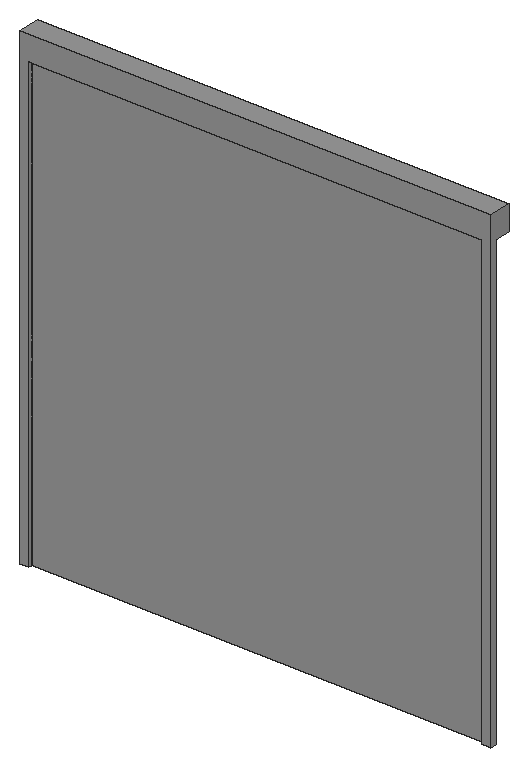
Revit family "protivipozarnae_stora_firetechnics_ei60_120_bez_orachenia_vodoi", category Двери, Revit 2016
Family settings
  Основа = Стена
  Номер OmniClass = 23.30.10.00
  Заголовок OmniClass = Doors
  Всегда вертикально = Да
  При загрузке вырезать с полостями = Нет
  Общий = Нет
  Точка расчета площади = Нет
Parameters (values of type "EI120 (без орошения водой)")
  ширина полотна = Width + 20 mm  # 4020 mm
  ширина верхней балки = 200 mm  # constant formula
  высота направляющей = 60 mm  # constant formula
  Ширина, макс. = "5м"  # constant formula
  Ширина направляющей = 80 mm  # constant formula
  Функция = Внутренние слои
  Скорость опускания шторы = "0,15м/c"  # constant formula
  Разработано = "support@bimlib.ru"  # constant formula
  Полотно_Размещение = высота направляющей / 2  # 30 mm
  Полотно открыто [instance] = yes
  Полотно = 1 mm  # constant formula
  Огнестойкость = "EI120\\"
  Материал_Полотно = Firetex™ 1100
  Материал_Направляющие = Сталь_оцинкованная_листовая Firetechnics
  Материал_Короб = Сталь_оцинкованная_листовая_2мм_Firetechnics
  Комментарии к типоразмеру = "Без орошения водой"
  Изготовитель = "Firetechnics"  # constant formula
  Высота, макс. = "6.5м"  # constant formula
  Высота короба = 220 mm  # constant formula
  Height = ADSK_Размер_Высота  # 4000 mm
  Замыкание стены = По основе
  Width = ADSK_Размер_Ширина  # 4000 mm
  Аналитическая конструкция = "<Нет>"
  URL = "https://www.fire-tec.ru"
  ADSK_Размер_Ширина = 4000 mm
  ADSK_Размер_Высота = 4000 mm
  ADSK_Примечание [instance] = ""
  ADSK_Предел огнестойкости = "EI120"
  ADSK_Позиция [instance] = ""
  ADSK_Обозначение = ""
  ADSK_Наименование = "Противопожарная штора FireTechnics E120 (без орошения водой)"
  ADSK_Масса_Текст = ""
  ADSK_Завод-изготовитель = Изготовитель  # "Firetechnics"
  ADSK_Единица измерения = ""
  ADSK_URL страницы изделия = "https://www.fire-tec.ru/catalog/protivopozharnye-shtory/protivopozharnye-shtory-ei-60-ei-90-ei-120-bez-orosheniya/"
  ADSK_URL документации изделия = ""
Types (3, lengths in mm): name | Огнестойкость | ADSK_Предел огнестойкости | ADSK_Наименование
  EI90 (без орошения водой) | "EI90" | "EI90" | "Противопожарная штора FireTechnics EI90 (без орошения водой)"
  EI60 (без орошения водой) | "EI60" | "EI60" | "Противопожарная штора FireTechnics EI60 (без орошения водой)"
  EI120 (без орошения водой) | "EI120\\" | "EI120" | "Противопожарная штора FireTechnics E120 (без орошения водой)"
Reference planes
  plane 1: y = 0
  plane 2 "По центру (Влево/Вправо)": x = 0
  plane 3 "Слева": x = -2000
  plane 4 "Справа": x = 2000
  plane 5: z = 4000
  plane 6 "Наружный": y = 75
  plane 7 "Внутренние": y = -75
  plane 8: x = -2080
  plane 9: x = 2080
  plane 10: y = 135
  plane 11: y = 275
  plane 12: y = 106
  plane 13: y = 105
  plane 14: x = 2010
  plane 15: x = -2010
  plane 16: z = 4220
Forms (mm)
  Extrusion 1, solid, material "Сталь_оцинкованная_листовая Firetechnics" <- "Материал_Направляющие"
    sketch origin (0, 0, 0) x (1, 0, 0) y (0, 1, 0)
      loop
        line (-2000, 106) -> (-2000, 135) -> (-2080, 135) -> (-2080, 75) -> (-2000, 75) -> (-2000, 105) -> (-2010, 105) -> (-2010, 106) -> (-2000, 106)
    from 0 to 4000
  Extrusion 2, solid, material "Сталь_оцинкованная_листовая Firetechnics" <- "Материал_Направляющие"
    sketch origin (0, 0, 0) x (-1, 0, 0) y (0, -1, 0)
      loop
        line (-2000, -106) -> (-2010, -106) -> (-2010, -105) -> (-2000, -105) -> (-2000, -75) -> (-2080, -75) -> (-2080, -135) -> (-2000, -135) -> (-2000, -106)
    from 0 to 4000
  Extrusion 3, void
    sketch origin (0, 0, 0) x (1, 0, 0) y (0, 1, 0)
      loop
        line (-2000, -75) -> (2000, -75) -> (2000, 75) -> (2235, 75) -> (2235, 275) -> (-2185, 275) -> (-2185, 75) -> (-2000, 75) -> (-2000, -75)
    from 0 to 4000
  Extrusion 4, solid, material "Firetex™ 1100" <- "Материал_Полотно", visible <- "Полотно открыто"
    sketch origin (0, 0, 0) x (1, 0, 0) y (0, 1, 0)
      loop
        line (-2010, 106) -> (-2010, 105) -> (2010, 105) -> (2010, 106) -> (-2010, 106)
    from 0 to 4000
  Extrusion 5, solid, material "Сталь_оцинкованная_листовая Firetechnics" <- "Материал_Направляющие"
    sketch origin (0, 0, 0) x (1, 0, 0) y (0, 1, 0)
      loop
        line (-2080, 275) -> (-2080, 75) -> (2080, 75) -> (2080, 275) -> (-2080, 275)
    from 4000 to 4220
Cuts and joins
  joined: Extrusion 1, Extrusion 2, Extrusion 5
Lines and regions (mm)
  symbolic lines, style "Doors"
    curve 1: line (-2010, 135, 0) -> (-2010, 75, 0)
    curve 2: line (2010, 135, 0) -> (2010, 75, 0)
  symbolic lines, style "Doors", visible <- "Полотно открыто"
    curve 3: line (-2010, 106, 0) -> (2010, 106, 0)
Text (mm)
  text "Наружный" at (-2295.016, 1099.543, 0), in view "Опорный уровень"
  text "Наружный" at (0, 1615.38, 3698.081), in view "Слева"
  text "Наружный" at (0, 1036.032, 3874.932), in view "Справа"
Dimensions and locks
  equal spacing: plane 3 "Слева", plane 2 "По центру (Влево/Вправо)", plane 4 "Справа"
  "Width": plane 3 "Слева" to plane 4 "Справа"
  "Height": plane 5 to host wall
  host wall to plane 5 = 4000 mm  (x2)
  locked: plane 6 "Наружный" to host wall at 0
  locked: plane 7 "Внутренние" to host wall
  "Высота короба": plane 5 to plane 16
  "Ширина направляющей": plane 8 to plane 3 "Слева"
  "Ширина направляющей": plane 4 "Справа" to plane 9
  "Полотно_Размещение": plane 6 "Наружный" to plane 13
  "Полотно": plane 12 to plane 13
  "высота направляющей": plane 6 "Наружный" to plane 10
  "ширина верхней балки": plane 6 "Наружный" to plane 11
  equal spacing: plane 15, plane 2 "По центру (Влево/Вправо)", plane 14
  "ширина полотна": plane 15 to plane 14
  aligned and locked: host wall to plane 1
  aligned and locked: Extrusion 1 sketch curve to plane 12
  aligned and locked: plane 13 to Extrusion 1 sketch curve
  aligned and locked: plane 10 to Extrusion 1 sketch curve
  aligned and locked: Extrusion 1 sketch curve to plane 3 "Слева"  (x2)
  aligned and locked: Extrusion 1 sketch curve to plane 8
  aligned and locked: plane 6 "Наружный" to Extrusion 1 sketch curve
  aligned and locked: plane 10 to Extrusion 2 sketch curve
  aligned and locked: Extrusion 2 sketch curve to plane 4 "Справа"  (x2)
  aligned and locked: Extrusion 2 sketch curve to plane 12
  aligned and locked: plane 13 to Extrusion 2 sketch curve
  aligned and locked: Extrusion 2 sketch curve to plane 9
  aligned and locked: Extrusion 2 sketch curve to plane 6 "Наружный"
  aligned and locked: plane 15 to Extrusion 1 sketch curve
  aligned and locked: Extrusion 2 to plane 14
  aligned and locked: Extrusion 3 sketch curve to Extrusion 1
  aligned and locked: Extrusion 3 sketch curve to host wall
  aligned and locked: plane 4 "Справа" to Extrusion 3 sketch curve
  aligned and locked: Extrusion 3 to plane 5
  aligned and locked: Extrusion 4 sketch curve to Extrusion 1
  aligned and locked: plane 15 to Extrusion 4 sketch curve
  aligned and locked: Extrusion 4 sketch curve to Extrusion 2  (x2)
  aligned and locked: Extrusion 2 to plane 5
  aligned and locked: Extrusion 1 to plane 5
  aligned and locked: Extrusion 5 to plane 16
  aligned and locked: Extrusion 4 to plane 5
  aligned and locked: plane 5 to Extrusion 5
  aligned and locked: Extrusion 5 to plane 9
  aligned and locked: plane 8 to Extrusion 5
  aligned and locked: curve 3 to plane 12
  aligned and locked: curve 2 to plane 14
Automatic sketch dimensions
  Extrusion 2 sketch curve to Extrusion 2 sketch curve = 10 mm
  Extrusion 3 sketch curve to plane 11 = 0 mm
  Extrusion 3 sketch curve to plane 8 = 105 mm
  plane 9 to Extrusion 3 sketch curve = 155 mm
  Extrusion 3 sketch curve to host wall = 0 mm  (x2)
  Extrusion 5 sketch curve to host wall = 0 mm
  Extrusion 5 sketch curve to plane 8 = 0 mm
  plane 9 to Extrusion 5 sketch curve = 0 mm
  Extrusion 5 sketch curve to plane 11 = 0 mm
  curve 1 to host wall = 0 mm
  curve 2 to host wall = 0 mm
  curve 2 to plane 10 = 0 mm
  curve 1 to plane 10 = 0 mm
  curve 1 to plane 15 = 0 mm
